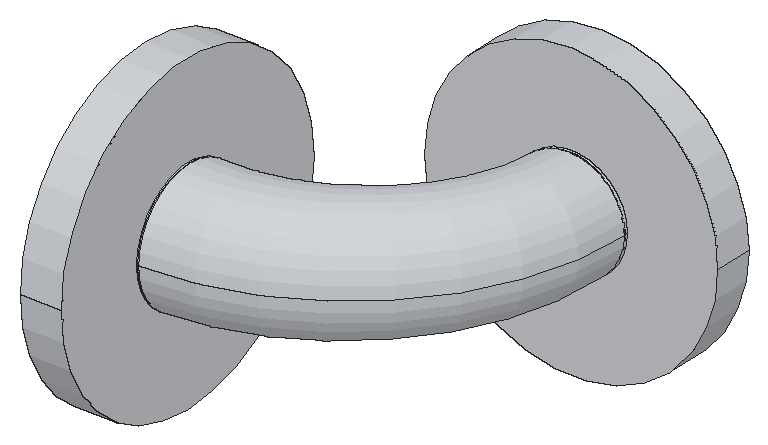
Revit family "M_Redução de cotovelo- Flange - GI - Classe 250", category Conexões de tubo, Revit 2019
Family settings
  Cota do conector redondo = Usar raio
  Tipo de parte = Cotovelo
  Número OmniClass = 23.60.30.11.14
  Título OmniClass = Pipework Fittings
  ID de item do Seek = Elbow Reducing - Flanged - GI - Class 250-0000-CAN-ENU
  Com base no plano de trabalho = Não
  Sempre na vertical = Sim
  Corte com vazios quando carregada = Não
  Compartilhado = Não
Parameters (values of type "Padrão")
  Espessura da parede 2 [instance] = size_lookup(Nome da tabela de pesquisa, "WThk", 0.06 * Diâmetro nominal 2 + 9.624 mm, Diâmetro nominal 2)  # 11.1 mm
  Espessura da parede 1 [instance] = size_lookup(Nome da tabela de pesquisa, "WThk", 0.06 * Diâmetro nominal 1 + 9.624 mm, Diâmetro nominal 1)  # 11.1 mm
  Tamanho da marca de cota 2 [instance] = Diâmetro da flange 2 * 0.4  # 49.6 mm
  Tamanho da marca de cota 1 [instance] = Diâmetro da flange 1 * 0.4  # 53.2 mm
  Espessura da face elevada [instance] = 1.587 mm  # constant formula
  Raio da face elevada 2 [instance] = Diâmetro da face elevada 2 / 2  # 34 mm
  Raio da face elevada 1 [instance] = Diâmetro da face elevada 1 / 2  # 39 mm
  Diâmetro da face elevada 2 [instance] = size_lookup(Nome da tabela de pesquisa, "RFD", 1.2 * Diâmetro nominal 2 + 50.899 mm, Diâmetro nominal 2)  # 68 mm
  Diâmetro da face elevada 1 [instance] = size_lookup(Nome da tabela de pesquisa, "RFD", 1.2 * Diâmetro nominal 1 + 50.899 mm, Diâmetro nominal 1)  # 78 mm
  Raio nominal 2 [instance] = 12.5 mm
  Diâmetro nominal 2 [instance] = Raio nominal 2 * 2  # 25 mm
  Método de perda = Coeficiente K da tabela
  Nome da tabela de pesquisa = "M_Elbow Reducing - Flanged - GI - Class 250"
  Comprimento 9 [instance] = Espessura da flange 2 - Espessura da face elevada  # 15.912 mm
  Comprimento 8 [instance] = Centro à face - if(Diâmetro nominal máximo 12 = Diâmetro nominal 1, Espessura da flange 1, Espessura da flange 2)  # 89 mm
  Comprimento 7 [instance] = Comprimento 1 + Comprimento 1 * cos(Ângulo) + (Espessura da flange 2 + Comprimento 5) * cos(Ângulo)  # 89 mm
  Comprimento 6 [instance] = (Espessura da flange 2 + Comprimento 5) * sin(Ângulo)  # 19 mm
  Comprimento 5 [instance] = if(Diâmetro nominal máximo 12 = Diâmetro nominal 2, 0.794 mm, if(Centro à face - Espessura da flange 2 - Comprimento 1 > 0.794 mm, Centro à face - Espessura da flange 2 - Comprimento 1, 0.794 mm))  # 1.5 mm
  Comprimento 4 [instance] = if(Diâmetro nominal máximo 12 = Diâmetro nominal 1, 0.794 mm, if(Centro à face - Espessura da flange 1 - Comprimento 1 > 0.794 mm, Centro à face - Espessura da flange 1 - Comprimento 1, 0.794 mm))  # 0.794 mm
  Comprimento 3 [instance] = Comprimento 1 + Comprimento 1 * cos(Ângulo)  # 89 mm
  Comprimento 2 [instance] = Comprimento 1 * sin(Ângulo)  # 89 mm
  Diâmetro nominal máximo 12 [instance] = if(Diâmetro nominal 1 > Diâmetro nominal 2, Diâmetro nominal 1, Diâmetro nominal 2)  # 32 mm
  Comprimento 10 [instance] = Comprimento 5 + Espessura da flange 2  # 19 mm
  Raio de isolamento máximo 12 [instance] = if(Raio externo da conexão 1 > Raio externo da conexão 2, Raio externo da conexão 1, Raio externo da conexão 2)  # 27.1 mm
  Tabela de coeficiente K = "Cotovelo regular flangeado 90 e 180"
  Espessura da flange 2 [instance] = size_lookup(Nome da tabela de pesquisa, "FThk", 0.08 * Diâmetro nominal 2 + 21.53 mm, Diâmetro nominal 2)  # 17.5 mm
  Espessura da flange 1 [instance] = size_lookup(Nome da tabela de pesquisa, "FThk", 0.08 * Diâmetro nominal 1 + 21.53 mm, Diâmetro nominal 1)  # 19 mm
  Raio da flange 2 [instance] = Diâmetro da flange 2 / 2  # 62 mm
  Diâmetro da flange 2 [instance] = size_lookup(Nome da tabela de pesquisa, "FDia", 1.34 * Diâmetro nominal 2 + 106.362 mm, Diâmetro nominal 2)  # 124 mm
  Raio externo da conexão 2 [instance] = Diâmetro externo da conexão 2 / 2  # 23.6 mm
  Raio externo da conexão 1 [instance] = Diâmetro externo da conexão 1 / 2  # 27.1 mm
  Diâmetro externo da conexão 2 [instance] = Diâmetro interno da conexão 2 + Espessura da parede 2 * 2  # 47.2 mm
  Diâmetro externo da conexão 1 [instance] = Diâmetro interno da conexão 1 + Espessura da parede 1 * 2  # 54.2 mm
  Comprimento 1 [instance] = if(Raio de isolamento máximo 12 * tan(Ângulo / 2) > Comprimento 8, Raio de isolamento máximo 12 * tan(Ângulo / 2) + 0.794 mm, Comprimento 8)  # 89 mm
  Raio nominal 1 [instance] = 16 mm
  Diâmetro nominal 1 [instance] = Raio nominal 1 * 2  # 32 mm
  Diâmetro interno da conexão 2 [instance] = size_lookup(Nome da tabela de pesquisa, "FID", 0.97 * Diâmetro nominal 2 + 2.58 mm, Diâmetro nominal 2)  # 25 mm
  Diâmetro interno da conexão 1 [instance] = size_lookup(Nome da tabela de pesquisa, "FID", 0.97 * Diâmetro nominal 1 + 2.58 mm, Diâmetro nominal 1)  # 32 mm
  Centro à face [instance] = size_lookup(Nome da tabela de pesquisa, "CtF", 0.68 * Diâmetro nominal máximo 12 + 95.647 mm, Diâmetro nominal máximo 12)  # 108 mm
  Raio do centro [instance] = Comprimento 1 / tan(Ângulo / 2)  # 89 mm
  Raio da flange 1 [instance] = Diâmetro da flange 1 / 2  # 66.5 mm
  Diâmetro da flange 1 [instance] = size_lookup(Nome da tabela de pesquisa, "FDia", 1.34 * Diâmetro nominal 1 + 106.362 mm, Diâmetro nominal 1)  # 133 mm
  Assembly Code = ""
  Ângulo [instance] = 90.00°
Reference planes
  plane 1 "Centro (Frente/Trás)": y = 0
  plane 2: z = 0
  plane 3 "Centro (Esquerda/Direita)": x = 0
  plane 4: x = -89
  plane 5: y = 89
  plane 6: x = 0
  plane 7: y = 89
  plane 8: x = -89.794
  plane 9: x = -107.206
  plane 10: x = -89.794
  plane 11: x = 0
  plane 12: y = 108
  plane 13: x = -108.794
Forms (mm)
  Sweep 1, solid, detail levels fine
    path in 3D
      loop
        line (-89.794, 0, 0) -> (-89, 0, 0)
    profile origin (-89.397, 0, 0) x (0, 1, 0) y (0, 0, 1)
      loop
        circle (0, 0) r 27.1
  Sweep 2, solid, detail levels fine
    path in 3D
      loop
        line (-89.794, 0, 0) -> (-107.206, 0, 0)
    profile origin (-98.5, 0, 0) x (0, -1, 0) y (0, 0, 1)
      loop
        circle (0, 0) r 66.5
  Sweep 3, solid, detail levels fine
    path in 3D
      loop
        line (-108.794, 0, 0) -> (-107.206, 0, 0)
    profile origin (-108, 0, 0) x (0, 1, 0) y (0, 0, 1)
      loop
        circle (0, 0) r 39
  Sweep 4, solid, detail levels fine
    path in 3D
      loop
        line (0, 108, 0) -> (0, 106.412, 0)
    profile origin (0, 107.206, 0) x (1, 0, 0) y (0, 0, 1)
      loop
        circle (0, 0) r 34
  Sweep 5, solid, detail levels fine
    path in 3D
      loop
        line (0, 106.412, 0) -> (0, 90.5, 0)
    profile origin (0, 98.456, 0) x (1, 0, 0) y (0, 0, 1)
      loop
        circle (0, 0) r 62
  SweptBlend 6, solid, detail levels fine
    path in 3D
      loop
        arc (-89, 0, 0) -> (-26.067, 26.067, 0) -> (0, 89, 0) r 89
    profile origin (-89, 0, 0) x (0, 1, 0) y (0, 0, 1)
      loop
        circle (0, 0) r 27.1
    end profile origin (0, 89, 0) x (-1, 0, 0) y (0, 0, 1)
      loop
        circle (0, 0) r 23.6
  Sweep 7, solid, detail levels fine
    path in 3D
      loop
        line (0, 89, 0) -> (0, 90.5, 0)
    profile origin (0, 89.75, 0) x (-1, 0, 0) y (0, 0, 1)
      loop
        circle (0, 0) r 23.6
Cuts and joins
  joined: Sweep 4, Sweep 5, Sweep 7
  joined: Sweep 1, Sweep 2, Sweep 3
Lines and regions (mm)
  model lines, detail levels coarse+medium
    curve 1: line (-89.794, 0, 0) -> (-89, 0, 0)
    curve 2: line (-89.794, 0, 0) -> (-107.206, 0, 0)
    curve 5: line (-108.794, 0, 0) -> (-107.206, 0, 0)
    curve 7: line (-108.794, 0, 0) -> (-108.794, 53.2, 0)
    curve 8: line (-108.794, 0, 0) -> (-108.794, -53.2, 0)
    curve 13: arc (-89, 0, 0) -> (-26.067, 26.067, 0) -> (0, 89, 0) r 89
    curve 14: line (0, 108, 0) -> (49.6, 108, 0)
    curve 15: line (0, 108, 0) -> (-49.6, 108, 0)
    curve 20: line (0, 89, 0) -> (0, 108, 0)
  sketch lines
    curve 3: line (-89.794, 0, 0) -> (-89, 0, 0)
    curve 4: line (-89.794, 0, 0) -> (-107.206, 0, 0)
    curve 6: line (-108.794, 0, 0) -> (-107.206, 0, 0)
    curve 10: line (0, 108, 0) -> (0, 106.412, 0)
    curve 12: line (0, 106.412, 0) -> (0, 90.5, 0)
    curve 18: arc (-89, 0, 0) -> (-26.067, 26.067, 0) -> (0, 89, 0) r 89
    curve 19: line (0, 89, 0) -> (0, 90.5, 0)
  reference lines
    curve 9: line (0, 108, 0) -> (0, 106.412, 0)
    curve 11: line (0, 106.412, 0) -> (0, 90.5, 0)
    curve 16: line (0, 89, 0) -> (0, 90.5, 0)
    curve 17: arc (-89, 0, 0) -> (-26.067, 26.067, 0) -> (0, 89, 0) r 89
Dimensions and locks
  "Comprimento 1": plane 4 to plane 3 "Centro (Esquerda/Direita)"
  "Raio do centro": plane 5 to plane 1 "Centro (Frente/Trás)"
  "Comprimento 3": plane 4 to plane 6
  "Comprimento 2": plane 7 to plane 1 "Centro (Frente/Trás)"
  "Comprimento 4": plane 8 to plane 4
  locked: plane 8 to plane 10 at 0
  "Comprimento 6": plane 12 to plane 7
  "Comprimento 7": plane 4 to plane 11
  "Espessura da face elevada": plane 13 to plane 9
  "Espessura da flange 1": plane 13 to plane 8
  "Tamanho da marca de cota 1": curve 7 to curve 7
  "Tamanho da marca de cota 1": curve 8 to curve 8
  "Espessura da face elevada": curve 9 to curve 9
  "Comprimento 9": curve 11 to curve 11
  "Tamanho da marca de cota 2": curve 14 to curve 14
  "Tamanho da marca de cota 2": curve 15 to curve 15
  "Comprimento 5": curve 16 to curve 16
  "Comprimento 10": curve 20 to curve 20
  "Raio externo da conexão 1": radius of Sweep 1 sketch curve
  "Raio da flange 1": radius of Sweep 2 sketch curve
  "Raio da face elevada 1": radius of Sweep 3 sketch curve
  "Raio da face elevada 2": radius of Sweep 4 sketch curve
  "Raio da flange 2": radius of Sweep 5 sketch curve
  "Raio externo da conexão 1": radius of SweptBlend 6 sketch curve
  "Raio externo da conexão 2": radius of SweptBlend 6 sketch curve
  "Raio externo da conexão 2": radius of Sweep 7 sketch curve
  "Ângulo": angle plane 12 to curve 9
  "Ângulo": angle plane 12 to curve 11
  "Ângulo": angle curve 13 to curve 13
  "Ângulo": angle plane 11 to curve 14
  "Ângulo": angle plane 11 to curve 15
  "Ângulo": angle plane 7 to curve 16
  "Ângulo": angle curve 17 to curve 17
  "Ângulo": angle plane 7 to curve 20
  aligned and locked: plane 1 "Centro (Frente/Trás)" to curve 1
  aligned and locked: plane 8 to curve 2
  aligned and locked: plane 9 to curve 5
  aligned and locked: plane 1 "Centro (Frente/Trás)" to curve 5
  aligned and locked: plane 13 to curve 7
  aligned and locked: plane 12 to curve 9
  aligned and locked: plane 11 to curve 9
  aligned and locked: plane 4 to curve 13  (x2)
  aligned and locked: plane 1 "Centro (Frente/Trás)" to curve 13
  aligned and locked: plane 11 to curve 14
  aligned and locked: plane 12 to curve 15
  aligned and locked: plane 7 to curve 16
  aligned and locked: plane 6 to curve 16
  aligned and locked: plane 4 to curve 17  (x2)
  aligned and locked: plane 5 to curve 17
  aligned and locked: plane 1 "Centro (Frente/Trás)" to curve 17
  aligned and locked: plane 7 to curve 20
  aligned and locked: plane 6 to curve 20
Automatic sketch dimensions
  curve 13 to plane 3 "Centro (Esquerda/Direita)" = 0 mm
  Sweep 1 sketch curve to profile plane = 0 mm  (x2)
  Sweep 2 sketch curve to profile plane = 0 mm  (x2)
  Sweep 3 sketch curve to profile plane = 0 mm  (x2)
  profile plane to Sweep 4 sketch curve = 0 mm
  Sweep 4 sketch curve to profile plane = 0 mm
  profile plane to Sweep 5 sketch curve = 0 mm
  Sweep 5 sketch curve to profile plane = 0 mm
  SweptBlend 6 sketch curve to profile plane = 0 mm  (x4)
  Sweep 7 sketch curve to profile plane = 0 mm  (x2)
Connectors
  piping at (-108.794, 0, 0), diameter 32, driven by "Raio nominal 1", driven by "Ângulo"
    settings: on Sweep 3, index 1, connector inside diameter 32 mm, connector length 0 mm, flow factor 0, pipe flow 0.0 L/s, pressure drop 0.0 Pa, fitting loss kfactor 0, connector angle 90.00°, fixture units 0, engagement length 0 mm, angle of deflection 0.00°, flow configuration 0, flow direction 0, fitting loss method 0, system type 28, joint type 0, gender type 0, connector reference index 2, connector utility 0, adjustable connector no, is connector primary yes, connector description ""
  piping at (0, 108, 0), diameter 25, driven by "Raio nominal 2", driven by "Ângulo"
    settings: on Sweep 4, index 2, connector inside diameter 25 mm, connector length 0 mm, flow factor 0, pipe flow 0.0 L/s, pressure drop 0.0 Pa, fitting loss kfactor 0, connector angle 90.00°, fixture units 0, engagement length 0 mm, angle of deflection 0.00°, flow configuration 0, flow direction 0, fitting loss method 0, system type 28, joint type 0, gender type 0, connector reference index 1, connector utility 0, adjustable connector no, is connector primary no, connector description ""
